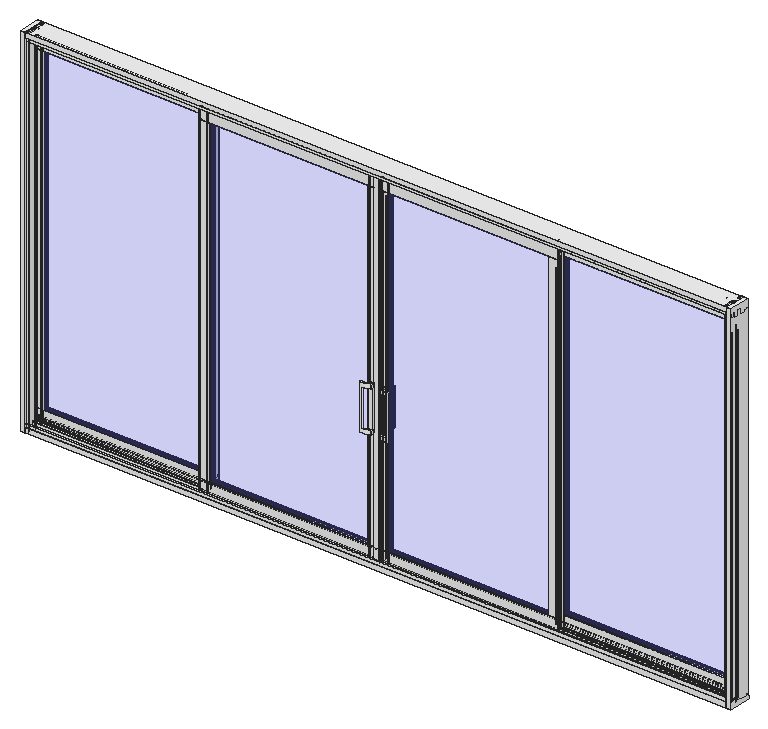
Revit family "Patio-Door_Victorian_OXYO-Double-Glaze-rev3_Novatech", category Doors, host Wall, Revit 2026
Family settings
  Host = Wall
  Classification Number = 23.30.10.00
  Always vertical = Yes
  Cut with Voids When Loaded = No
  Shared = No
  Room Calculation Point = No
Parameters (values of type "189 1/8"W X 95 1/2"H")
  Width Sash X = (Width / 4) + 9/32"  # 47 9/16"
  Width Sash O = (Width / 4) + 9/32"  # 47 9/16"
  Specification = "https://www.arcat.com/company/novatech-group-51586/spec"
  Product Page URL = "https://www.arcat.com/arcatcos/cos51/arc51586.html"
  Model_Sash to Reference Line = (Width - 2 81/128") / 4  # 46.62305"
  View Handle = yes
  URL = "https://www.groupenovatech.com/en_canada_ontario/products/patio‐doors/victorian‐pvc.html"
  Thickness = 5 7/8"
  Rough Width = Width + 1/2"  # 189 5/8"
  Rough Height = Height + 1/2"  # 96"
  Panel Material = Glass
  Model = "Victorian"
  Manufacturer = "Novatech"
  Look Handle = yes
  Keynote = "08 32 00"
  Height Sash X = Height - 3 3/4"  # 91 3/4"
  Height Sash O = Height - 3 3/4"  # 91 3/4"
  Hardware Material = Aluminum
  Handle Height = 38"
  Function = Interior
  Height = 95 1/2"
  Wall Closure = By host
  Width = 189 1/8"
  Frame Material = Aluminum
  Define Thermal Properties by = Schematic Type
  Copyright = "ARCAT"
  CAD Details = "https://www.arcat.com/company/novatech-group-51586/cad"
  Analytic Construction = "<None>"
Reference planes (in)
  plane 1 "Center (Front/Back)": y = 0
  plane 2 "Center (Left/Right)": x = 0
  plane 3 "Left": x = -94.5625
  plane 4 "Right": x = 94.5625
  plane 5 "Top": z = 95.5
  plane 6 "Exterior": y = 3
  plane 7 "Interior": y = -3
  plane 8 "Panel 1": y = 0.8825
  plane 9 "Panel 2": y = -1.25765
  plane 10: x = -93.24547
  plane 11: z = 1.80469
  plane 12: z = 93.55469
  plane 13: x = 93.24556
  plane 14: z = 38
  plane 15: x = -46.62305
  plane 16: x = 46.62251
  plane 17 "Panel 3": y = 2.875
Text (in)
  text "Exterior" at (-104.41165, 27.31104, 0), in view "Ref. Level"
  text "Interior" at (-104.41165, -25.14366, 0), in view "Ref. Level"
  text "Exterior" at (0, 40.15149, 123.01588), in view "Right"
  text "Interior" at (0, -64.39139, 123.01588), in view "Right"
  text "Interior" at (0, -31.01599, 123.00693), in view "Left"
  text "Exterior" at (0, 54.57065, 123.00693), in view "Left"
Dimensions and locks (in)
  "Model_Sash to Reference Line": plane 15 to plane 2 "Center (Left/Right)"
  "Model_Sash to Reference Line": plane 16 to plane 13
  "Height": plane 5 "Top" to level
  "Handle Height": plane 14 to level
  locked: plane 5 "Top" to plane 12 at 1.94531
  "Width": plane 3 "Left" to plane 4 "Right"
  equal spacing: plane 3 "Left", plane 2 "Center (Left/Right)", plane 4 "Right"
  locked: plane 13 to plane 4 "Right" at 1.31702
  locked: plane 3 "Left" to plane 10 at 1.31703
  "Height Sash O": plane 12 to plane 11
  locked: nested 8 to plane 2 "Center (Left/Right)" at 1.58615
  locked: plane 2 "Center (Left/Right)" to nested 2 at 1.58615
  locked: nested 9 to plane 2 "Center (Left/Right)" at 1.58615
  locked: plane 2 "Center (Left/Right)" to nested 3 at 1.58615
  locked: nested 8 to plane 9 "Panel 2" at 0.8125
  locked: plane 9 "Panel 2" to nested 9 at 0.8125
  locked: nested 2 to plane 9 "Panel 2" at 0.8125
  locked: plane 9 "Panel 2" to nested 3 at 0.8125
  locked: plane 7 "Interior" to plane 9 "Panel 2" at 1.74235
  locked: plane 7 "Interior" to plane 8 "Panel 1" at 3.8825
  plane 17 "Panel 3" to plane 7 "Interior" = 5 7/8"
  aligned and locked: plane 6 "Exterior" to host wall
  aligned and locked: plane 7 "Interior" to host wall
  aligned and locked: plane 3 "Left" to nested 1
  aligned and locked: plane 4 "Right" to nested 1
  aligned and locked: nested 4 to plane 9 "Panel 2"
  aligned and locked: plane 15 to nested 4
  aligned and locked: nested 6 to plane 12
  aligned and locked: nested 4 to plane 12
  aligned and locked: nested 5 to plane 12
  aligned and locked: nested 3 to plane 14
  aligned and locked: nested 2 to plane 14
  aligned and locked: plane 10 to nested 5
  aligned and locked: nested 6 to plane 16
  aligned and locked: plane 13 to nested 6
  aligned and locked: nested 6 to plane 8 "Panel 1"
  aligned and locked: nested 5 to plane 8 "Panel 1"
  aligned and locked: nested 7 to plane 2 "Center (Left/Right)"
  aligned and locked: plane 9 "Panel 2" to nested 7
  aligned and locked: plane 16 to nested 7
  aligned and locked: nested 7 to plane 12
  aligned and locked: plane 2 "Center (Left/Right)" to nested 1
  aligned and locked: nested 6 to plane 13
  aligned and locked: plane 14 to nested 8
  aligned and locked: nested 1 to plane 7 "Interior"
  aligned and locked: plane 14 to nested 9
Nested families (in)
  nested 1: "NOVATECH VICTORIAN_OXYO DOUBLE GLAZE REV3_DOOR FRAME" at (0, 0, 0) x (-1, 0, 0) z (0, 0, 1), type "DOOR FRAME"
    with Width 189 1/8"
  nested 2: "NOVATECH VICTORIAN_OXYO DOUBLE GLAZE REV3_LOOK HANDLE" at (1.58615, -2.10263, 32), visible <- "Look Handle", type "LOOK HANDLE"
  nested 3: "NOVATECH VICTORIAN_OXYO DOUBLE GLAZE REV3_VIEW HANDLE" at (1.58615, -2.07015, 32), visible <- "View Handle", type "VIEW HANDLE"
  nested 4: "NOVATECH VICTORIAN_OXYO DOUBLE GLAZE REV3_SASH_X_LEFT" at (-23.31152, -2.07015, 1.80469), type "X_LEFT"
    with Width 46.62305"
  nested 5: "NOVATECH VICTORIAN_OXYO DOUBLE GLAZE REV3_SASH_O_LEFT" at (-69.93395, 0.07, 1.80469), type "O_LEFT"
    with Width 46.62305"
  nested 6: "NOVATECH VICTORIAN_OXYO DOUBLE GLAZE REV3_SASH_O_RIGHT" at (69.93403, 0.06999, 1.80469) x (1, 0, 0) z (0, 0, 1), type "O_RIGHT"
    with Width 46.62305"
  nested 7: "NOVATECH VICTORIAN_OXYO DOUBLE GLAZE REV3_SASH_X_RIGHT" at (23.52832, -0.44515, 1.80469) x (-1, 0, 0) z (0, 0, 1), type "X_RIGHT"
    with Width 46.62305"
  nested 8: "NOVATECH VICTORIAN_OXYO DOUBLE GLAZE REV3_LOOK HANDLE" at (-1.58615, -2.10263, 32) x (-1, 0, 0) z (0, 0, 1), visible <- "Look Handle", type "LOOK HANDLE"
  nested 9: "NOVATECH VICTORIAN_OXYO DOUBLE GLAZE REV3_VIEW HANDLE" at (-1.58615, -2.07015, 32) x (-1, 0, 0) z (0, 0, 1), visible <- "View Handle", type "VIEW HANDLE"
Definition of nested family "NOVATECH VICTORIAN_OXYO DOUBLE GLAZE REV3_DOOR FRAME"
  Parameters (values of type "DOOR FRAME")
    Function = (empty or 0)
    Height = 95 1/2"
    Wall Closure = (empty or 0)
    Width = 141 1/8"
    Frame Thickness = 5 7/8"
    Frame Material = none
    Define Thermal Properties by = 1
    Analytic Construction = "<None>"
  Reference planes (in)
    plane 1 "Center (Front/Back)": y = 0
    plane 2 "Center (Left/Right)": x = 0
    plane 3 "Left": x = -70.5625
    plane 4 "Right": x = 70.5625
    plane 5 "Top": z = 95.5
    plane 6 "Exterior": y = 4
    plane 7 "Interior": y = -4
    plane 8: y = -1.875
  Lines and regions (in)
    Opening 1
      outline origin (-90, -4, 0) x (1, 0, 0) y (0, 0, 1)
        loop
          line (19.4375, 0) -> (160.5625, 0) -> (160.5625, 95.5) -> (19.4375, 95.5) -> (19.4375, 0)
  Text (in)
    text "Exterior" at (-74.96733, 27.31104, 0), in view "Ref. Level"
    text "Interior" at (-74.96733, -25.14366, 0), in view "Ref. Level"
    text "Exterior" at (0, 40.15149, 123.01588), in view "Right"
    text "Interior" at (0, -64.39139, 123.01588), in view "Right"
    text "Interior" at (0, -31.01599, 123.00693), in view "Left"
    text "Exterior" at (0, 54.57065, 123.00693), in view "Left"
  Dimensions and locks (in)
    equal spacing: plane 3 "Left", plane 2 "Center (Left/Right)", plane 4 "Right"
    "Height": level to plane 5 "Top"
    "Width": plane 3 "Left" to plane 4 "Right"
    aligned and locked: plane 3 "Left" to Opening 1 sketch curve
    aligned and locked: plane 5 "Top" to Opening 1 sketch curve  (x2)
    aligned and locked: Opening 1 sketch curve to plane 4 "Right"
    aligned and locked: Opening 1 sketch curve to level
    aligned and locked: plane 6 "Exterior" to host wall
    aligned and locked: plane 7 "Interior" to host wall
    aligned and locked: nested 1 to plane 3 "Left"
    aligned and locked: plane 4 "Right" to nested 1
    aligned and locked: nested 2 to plane 3 "Left"
    aligned and locked: nested 2 to plane 4 "Right"
    aligned and locked: plane 5 "Top" to nested 3
    aligned and locked: plane 3 "Left" to nested 3
    aligned and locked: nested 3 to plane 7 "Interior"
    aligned and locked: plane 4 "Right" to nested 4
    aligned and locked: plane 7 "Interior" to nested 4
    aligned and locked: nested 1 to plane 5 "Top"
    aligned and locked: level to nested 2
    aligned and locked: nested 2 to plane 7 "Interior"
    aligned and locked: plane 7 "Interior" to nested 1
  Nested families (in)
    nested 1: "HEADER PROFILE" at (-70.5625, 2.06254, 95.5), type "HEADER PROFILE"
      with Length 141 1/8"
    nested 2: "NOVATECH_650_2 LIGHT_SILL PROFILE" at (70.5625, -4, 0) x (-1, 0, 0) z (0, 0, 1), type "SILL PROFILE"
      with built-in parameter 1001306 11.76 (stored number, unit not read)
    nested 3: "NOVATECH 650_3 LIGHT_OXO_DOOR FRAME_LEFT" at (-70.5625, 1.875, 0) x (0, -1, 0) z (0, 0, 1), type "NOVATECH 650_3 LIGHT_OXO_DOOR FRAME_LEFT"
      with Length 95 1/2"
    nested 4: "NOVATECH 650_2 LIGHT_DOOR FRAME_RIGHT" at (70.5625, 1.875, 0) x (0, -1, 0) z (0, 0, 1), type "NOVATECH 650_2 LIGHT_DOOR FRAME_RIGHT"
  Definition of nested family "HEADER PROFILE"
    Parameters (values of type "HEADER PROFILE")
      Length [instance] = 12"
      Frame Material = none
      Default Elevation = 0"
    Reference planes (in)
      plane 1 "Center (Front/Back)": y = -0.1877
      plane 2: z = 0
      plane 3 "Center (Left/Right)": x = 0
      plane 4: x = 12
    Forms (in)
      Extrusion 1, solid, material <- "Frame Material"
        sketch origin (0, 0, -4.50465) x (0, 1, 0) y (0, 0, 1)
          loop
            line (-0.1877, 4.50465) -> (-6.06254, 4.50465) -> (-6.06254, 3.37965) -> (-5.7826, 3.37965) -> (-5.7826, 2.5047) -> (-5.49762, 2.5047) -> (-5.49762, 3.37965) -> (-4.68997, 3.37965) -> (-4.68997, 2.12465)
            arc (-4.68997, 2.12465) -> (-4.66656, 2.06813) -> (-4.61004, 2.04473) r 0.07992
            line (-4.61004, 2.04473) -> (-4.02004, 2.04473)
            arc (-4.02004, 2.04473) -> (-3.96353, 2.06813) -> (-3.94012, 2.12465) r 0.07992
            line (-3.94012, 2.12465) -> (-3.94012, 3.37965) -> (-2.55512, 3.37965) -> (-2.55512, 2.12465)
            arc (-2.55512, 2.12465) -> (-2.53171, 2.06813) -> (-2.4752, 2.04473) r 0.07992
            line (-2.4752, 2.04473) -> (-1.85512, 2.04473)
            arc (-1.85512, 2.04473) -> (-1.79861, 2.06813) -> (-1.7752, 2.12465) r 0.07992
            line (-1.7752, 2.12465) -> (-1.7752, 3.37965) -> (-1.2977, 3.37965) -> (-1.2977, 2.5047) -> (-1.01272, 2.5047) -> (-1.01272, 2.8847)
            arc (-1.01272, 2.8847) -> (-0.99515, 2.92713) -> (-0.95272, 2.9447) r 0.06
            line (-0.95272, 2.9447) -> (-0.79272, 2.9447)
            arc (-0.79272, 2.9447) -> (-0.7503, 2.92713) -> (-0.73272, 2.8847) r 0.06
            line (-0.73272, 2.8847) -> (-0.73272, 2.7272)
            arc (-0.73272, 2.7272) -> (-0.70022, 2.6947) -> (-0.66772, 2.7272) r 0.0325
            line (-0.66772, 2.7272) -> (-0.66772, 2.8847)
            arc (-0.66772, 2.8847) -> (-0.65015, 2.92713) -> (-0.60772, 2.9447) r 0.06
            line (-0.60772, 2.9447) -> (-0.44772, 2.9447)
            arc (-0.44772, 2.9447) -> (-0.4053, 2.92713) -> (-0.38772, 2.8847) r 0.06
            line (-0.38772, 2.8847) -> (-0.38772, 2.5047) -> (-0.1877, 2.5047) -> (-0.1877, 4.50465)
        from 0 to 12
    Dimensions and locks (in)
      "Length": plane 3 "Center (Left/Right)" to plane 4
      aligned and locked: plane 2 to level
      aligned and locked: Extrusion 1 to plane 4
      aligned and locked: Extrusion 1 to plane 3 "Center (Left/Right)"
    Automatic sketch dimensions
      Extrusion 1 sketch curve to level = 0"
      plane 1 "Center (Front/Back)" to Extrusion 1 sketch curve = 5.87485"
      Extrusion 1 sketch curve to Extrusion 1 sketch curve = 0.27995"
      Extrusion 1 sketch curve to Extrusion 1 sketch curve = 0.28497"  (x2)
      Extrusion 1 sketch curve to Extrusion 1 sketch curve = 0.80765"
      Extrusion 1 sketch curve to Extrusion 1 sketch curve = 0.07992"  (x3)
      Extrusion 1 sketch curve to Extrusion 1 sketch curve = 0.59"
      Extrusion 1 sketch curve to Extrusion 1 sketch curve = 0.74985"
      Extrusion 1 sketch curve to Extrusion 1 sketch curve = 1.385"
      Extrusion 1 sketch curve to Extrusion 1 sketch curve = 0.62008"
      Extrusion 1 sketch curve to Extrusion 1 sketch curve = 0.4775"
      Extrusion 1 sketch curve to Extrusion 1 sketch curve = 0.06"  (x4)
      Extrusion 1 sketch curve to Extrusion 1 sketch curve = 0.16"  (x2)
      Extrusion 1 sketch curve to Extrusion 1 sketch curve = 0.0325"
      Extrusion 1 sketch curve to Extrusion 1 sketch curve = 0.28"
      Extrusion 1 sketch curve to Extrusion 1 sketch curve = 1.11"
      Extrusion 1 sketch curve to Extrusion 1 sketch curve = 1 1/8"
      Extrusion 1 sketch curve to Extrusion 1 sketch curve = 0"  (x3)
      Extrusion 1 sketch curve to Extrusion 1 sketch curve = 0.43495"
      Extrusion 1 sketch curve to Extrusion 1 sketch curve = 0.1575"
      Extrusion 1 sketch curve to Extrusion 1 sketch curve = 0.38"
      Extrusion 1 sketch curve to Extrusion 1 sketch curve = 0.87495"
      Extrusion 1 sketch curve to Extrusion 1 sketch curve = 0.2225"
      Extrusion 1 sketch curve to Extrusion 1 sketch curve = 1.255"  (x2)
  Definition of nested family "NOVATECH_650_2 LIGHT_SILL PROFILE"
    Parameters (values of type "SILL PROFILE")
      built-in parameter 1001306 [instance] = 54"
      Frame Material = none
      Default Elevation = 0"
    Reference planes (in)
      plane 1 "Center (Front/Back)": y = 0
      plane 2: z = 0
      plane 3 "Left": x = 0
      plane 4 "Right": x = 54
    Forms (in)
      Extrusion 1, solid, material <- "Frame Material"
        sketch origin (0, 0, 0) x (0, 1, 0) y (0, 0, 1)
          loop
            line (0, 0) -> (5.875, 0) -> (5.875, 0.63974) -> (5.795, 0.63974)
            arc (5.795, 0.63974) -> (5.67126, 0.69099) -> (5.62, 0.81474) r 0.175
            line (5.62, 0.81474) -> (5.62, 0.85953) -> (5.67252, 0.85215)
            arc (5.67252, 0.85215) -> (5.70173, 0.83716) -> (5.71535, 0.80729) r 0.05
            arc (5.71535, 0.80729) -> (5.85024, 0.75687) -> (5.80613, 0.89396) r 0.08
            line (5.80613, 0.89396) -> (5.41832, 0.94846)
            arc (5.41832, 0.94846) -> (5.39986, 0.95849) -> (5.3925, 0.97817) r 0.03
            line (5.3925, 0.97817) -> (5.3925, 1.3365)
            arc (5.3925, 1.3365) -> (5.3625, 1.44846) -> (5.3325, 1.3365) r 0.06
            line (5.3325, 1.3365) -> (5.3325, 0.99503)
            arc (5.3325, 0.99503) -> (5.32218, 0.97239) -> (5.29832, 0.96533) r 0.03
            line (5.29832, 0.96533) -> (4.735, 1.0445) -> (4.735, 0.98423) -> (4.79, 0.9765) -> (4.79, 0.90299) -> (4.62, 0.90299) -> (4.62, 1.06066) -> (3.15, 1.26725) -> (3.15, 1.13123) -> (2.955, 1.13123) -> (2.955, 1.21842) -> (3.015, 1.20999) -> (3.015, 1.28623) -> (2.1225, 1.41166) -> (2.1225, 2.31958) -> (1.85161, 2.31958) -> (1.82197, 2.36403)
            arc (1.82197, 2.36403) -> (1.74569, 2.58889) -> (1.66399, 2.36594) r 0.12589
            line (1.66399, 2.36594) -> (1.64081, 2.31958) -> (1.3725, 2.31958) -> (1.3725, 1.17268) -> (1.065, 1.31712) -> (1.065, 1.55585) -> (1.185, 1.53898) -> (1.185, 1.61472) -> (0.565, 1.70185) -> (0.565, 2.2285) -> (0.28, 2.2285) -> (0.28, 1.3125) -> (0, 1.3125) -> (0, 0)
        from 0 to 54
    Lines and regions (in)
      reference lines
        curve 1: line (0, 0, 0) -> (54, 0, 0)
    Dimensions and locks (in)
      "built-in parameter 1001306": plane 3 "Left" to plane 4 "Right"
      aligned and locked: plane 4 "Right" to curve 1
      aligned and locked: plane 1 "Center (Front/Back)" to curve 1
      aligned and locked: plane 3 "Left" to curve 1
      aligned and locked: level to plane 2
      aligned and locked: Extrusion 1 to curve 1
      aligned and locked: Extrusion 1 to plane 3 "Left"
    Automatic sketch dimensions
      Extrusion 1 sketch curve to Extrusion 1 sketch curve = 0"  (x3)
      Extrusion 1 sketch curve to plane 1 "Center (Front/Back)" = 0"
      Extrusion 1 sketch curve to level = 0"
      Extrusion 1 sketch curve to plane 1 "Center (Front/Back)" = 0.28"
      Extrusion 1 sketch curve to Extrusion 1 sketch curve = 0.285"
      Extrusion 1 sketch curve to Extrusion 1 sketch curve = 1/2"
      Extrusion 1 sketch curve to Extrusion 1 sketch curve = 0.12"
      Extrusion 1 sketch curve to Extrusion 1 sketch curve = 3/16"
      Extrusion 1 sketch curve to Extrusion 1 sketch curve = 0.26831"
      Extrusion 1 sketch curve to Extrusion 1 sketch curve = 0.02318"
      Extrusion 1 sketch curve to Extrusion 1 sketch curve = 0.08018"
      Extrusion 1 sketch curve to Extrusion 1 sketch curve = 0.0778"
      Extrusion 1 sketch curve to Extrusion 1 sketch curve = 0.02964"
      Extrusion 1 sketch curve to Extrusion 1 sketch curve = 3/4"
      level to Extrusion 1 sketch curve = 1.21842"
      Extrusion 1 sketch curve to Extrusion 1 sketch curve = 0.8325"
      level to Extrusion 1 sketch curve = 1.28623"
      Extrusion 1 sketch curve to Extrusion 1 sketch curve = 0.06"  (x2)
      Extrusion 1 sketch curve to Extrusion 1 sketch curve = 0.135"
      Extrusion 1 sketch curve to Extrusion 1 sketch curve = 1.47"
      level to Extrusion 1 sketch curve = 0.98423"
      Extrusion 1 sketch curve to Extrusion 1 sketch curve = 0.115"
      Extrusion 1 sketch curve to Extrusion 1 sketch curve = 0.055"
      level to Extrusion 1 sketch curve = 0.96533"
      Extrusion 1 sketch curve to Extrusion 1 sketch curve = 0.50832"
      Extrusion 1 sketch curve to Extrusion 1 sketch curve = 0.00418"
      Extrusion 1 sketch curve to Extrusion 1 sketch curve = 0.03"  (x3)
      level to Extrusion 1 sketch curve = 0.94846"
      Extrusion 1 sketch curve to Extrusion 1 sketch curve = 0.02582"
      Extrusion 1 sketch curve to Extrusion 1 sketch curve = 0.20168"
      Extrusion 1 sketch curve to Extrusion 1 sketch curve = 0.04556"
      level to Extrusion 1 sketch curve = 0.85215"
      Extrusion 1 sketch curve to Extrusion 1 sketch curve = 0.00696"
      Extrusion 1 sketch curve to Extrusion 1 sketch curve = 0.12248"
      level to Extrusion 1 sketch curve = 0.89396"
      Extrusion 1 sketch curve to Extrusion 1 sketch curve = 0.01113"
      Extrusion 1 sketch curve to Extrusion 1 sketch curve = 0.08"
      Extrusion 1 sketch curve to Extrusion 1 sketch curve = 0.25422"
      Extrusion 1 sketch curve to Extrusion 1 sketch curve = 0.0121"
      Extrusion 1 sketch curve to Extrusion 1 sketch curve = 0.04479"
      Extrusion 1 sketch curve to Extrusion 1 sketch curve = 0.08124"
      Extrusion 1 sketch curve to Extrusion 1 sketch curve = 0.00773"
      Extrusion 1 sketch curve to Extrusion 1 sketch curve = 0.06027"
      Extrusion 1 sketch curve to Extrusion 1 sketch curve = 0.01616"
      Extrusion 1 sketch curve to Extrusion 1 sketch curve = 0.08719"
      level to Extrusion 1 sketch curve = 1.17268"
      Extrusion 1 sketch curve to Extrusion 1 sketch curve = 0.00843"
      Extrusion 1 sketch curve to Extrusion 1 sketch curve = 0.13602"
      Extrusion 1 sketch curve to Extrusion 1 sketch curve = 0.13982"
      Extrusion 1 sketch curve to Extrusion 1 sketch curve = 0.14444"
      Extrusion 1 sketch curve to Extrusion 1 sketch curve = 0.34147"
      Extrusion 1 sketch curve to Extrusion 1 sketch curve = 0.05196"
      Extrusion 1 sketch curve to Extrusion 1 sketch curve = 0.23898"
      Extrusion 1 sketch curve to Extrusion 1 sketch curve = 0.22186"
      Extrusion 1 sketch curve to Extrusion 1 sketch curve = 0.01687"
      Extrusion 1 sketch curve to Extrusion 1 sketch curve = 0.07574"
      Extrusion 1 sketch curve to Extrusion 1 sketch curve = 0.38935"
      Extrusion 1 sketch curve to Extrusion 1 sketch curve = 0.52665"
      Extrusion 1 sketch curve to Extrusion 1 sketch curve = 0.90792"
      Extrusion 1 sketch curve to Extrusion 1 sketch curve = 0.04445"
      Extrusion 1 sketch curve to Extrusion 1 sketch curve = 0.04637"
  Definition of nested family "NOVATECH 650_3 LIGHT_OXO_DOOR FRAME_LEFT"
    Parameters (values of type "NOVATECH 650_3 LIGHT_OXO_DOOR FRAME_LEFT")
      Length [instance] = 95 1/2"
      Frame Material = none
      Default Elevation = 0"
    Reference planes (in)
      plane 1 "Center (Front/Back)": y = 0
      plane 2: z = 0
      plane 3 "Center (Left/Right)": x = 0
      plane 4: z = 95.5
    Forms (in)
      Extrusion 1, solid, material <- "Frame Material"
        sketch origin (0, 0, 0) x (1, 0, 0) y (0, 1, 0)
          loop
            line (0, 0) -> (0, -1.75) -> (0.2, -1.75) -> (0.2, -1.125) -> (0.825, -1.125) -> (0.825, -1.925) -> (1.16, -1.925)
            arc (1.16, -1.925) -> (1.17558, -1.9) -> (1.16, -1.875) r 0.02785
            line (1.16, -1.875) -> (1.125, -1.875)
            arc (1.125, -1.875) -> (1.11281, -1.86297) -> (1.10934, -1.8462) r 0.02958
            arc (1.10934, -1.8462) -> (1.08427, -1.83174) -> (1.06, -1.8475) r 0.0277
            arc (1.06, -1.8475) -> (1.04027, -1.87482) -> (1.01, -1.86) r 0.02615
            line (1.01, -1.86) -> (1.01, -1.68)
            arc (1.01, -1.68) -> (1.04093, -1.66254) -> (1.06, -1.6925) r 0.02581
            arc (1.06, -1.6925) -> (1.085, -1.71029) -> (1.11, -1.6925) r 0.02646
            line (1.11, -1.6925) -> (1.11, -1.125) -> (2.465, -1.125) -> (2.465, -1.225) -> (2.5725, -1.225) -> (2.5725, -1.16729) -> (2.64447, -1.16729) -> (2.64447, -1.31703) -> (2.51411, -1.31703)
            arc (2.51411, -1.31703) -> (2.47498, -1.3303) -> (2.45198, -1.36463) r 0.06435
            arc (2.45198, -1.36463) -> (2.44776, -1.4065) -> (2.45732, -1.44748) r 0.1282
            arc (2.45732, -1.44748) -> (2.49183, -1.48877) -> (2.54337, -1.50423) r 0.0936
            line (2.54337, -1.50423) -> (2.73642, -1.50423)
            arc (2.73642, -1.50423) -> (2.79096, -1.4867) -> (2.82507, -1.44067) r 0.0936
            arc (2.82507, -1.44067) -> (2.83221, -1.40285) -> (2.8278, -1.36463) r 0.1282
            arc (2.8278, -1.36463) -> (2.8048, -1.3303) -> (2.76567, -1.31703) r 0.06435
            line (2.76567, -1.31703) -> (2.67447, -1.31703) -> (2.67447, -1.16729) -> (2.70531, -1.16729) -> (2.70531, -1.225) -> (2.805, -1.225) -> (2.805, -1.125) -> (2.875, -1.125) -> (2.875, -1.6925)
            arc (2.875, -1.6925) -> (2.9, -1.70907) -> (2.925, -1.6925) r 0.02715
            arc (2.925, -1.6925) -> (2.94408, -1.66256) -> (2.975, -1.68) r 0.02581
            line (2.975, -1.68) -> (2.975, -1.86)
            arc (2.975, -1.86) -> (2.94408, -1.87744) -> (2.925, -1.8475) r 0.02581
            arc (2.925, -1.8475) -> (2.9, -1.83034) -> (2.875, -1.8475) r 0.02679
            line (2.875, -1.8475) -> (2.875, -1.925) -> (3.245, -1.925) -> (3.245, -1.8475)
            arc (3.245, -1.8475) -> (3.22, -1.83034) -> (3.195, -1.8475) r 0.02679
            arc (3.195, -1.8475) -> (3.17592, -1.87744) -> (3.145, -1.86) r 0.02581
            line (3.145, -1.86) -> (3.145, -1.68)
            arc (3.145, -1.68) -> (3.17592, -1.66256) -> (3.195, -1.6925) r 0.02581
            arc (3.195, -1.6925) -> (3.22, -1.70907) -> (3.245, -1.6925) r 0.02715
            line (3.245, -1.6925) -> (3.245, -1.125) -> (3.315, -1.125) -> (3.315, -1.225) -> (3.4225, -1.225) -> (3.4225, -1.16729) -> (3.49447, -1.16729) -> (3.49447, -1.31703) -> (3.36605, -1.31703)
            arc (3.36605, -1.31703) -> (3.32691, -1.3303) -> (3.30391, -1.36463) r 0.06435
            arc (3.30391, -1.36463) -> (3.29951, -1.40285) -> (3.30664, -1.44067) r 0.1282
            arc (3.30664, -1.44067) -> (3.34075, -1.4867) -> (3.3953, -1.50423) r 0.0936
            line (3.3953, -1.50423) -> (3.58835, -1.50423)
            arc (3.58835, -1.50423) -> (3.63988, -1.48877) -> (3.67439, -1.44748) r 0.0936
            arc (3.67439, -1.44748) -> (3.68395, -1.4065) -> (3.67973, -1.36463) r 0.1282
            arc (3.67973, -1.36463) -> (3.65674, -1.3303) -> (3.6176, -1.31703) r 0.06435
            line (3.6176, -1.31703) -> (3.52447, -1.31703) -> (3.52447, -1.16729) -> (3.55531, -1.16729) -> (3.55531, -1.225) -> (3.655, -1.225) -> (3.655, -1.125) -> (5.01, -1.125) -> (5.01, -1.6925)
            arc (5.01, -1.6925) -> (5.035, -1.71029) -> (5.06, -1.6925) r 0.02646
            arc (5.06, -1.6925) -> (5.07907, -1.66254) -> (5.11, -1.68) r 0.02581
            line (5.11, -1.68) -> (5.11, -1.86)
            arc (5.11, -1.86) -> (5.07973, -1.87482) -> (5.06, -1.8475) r 0.02615
            arc (5.06, -1.8475) -> (5.035, -1.83173) -> (5.01, -1.8475) r 0.0277
            line (5.01, -1.8475) -> (5.01, -1.925) -> (5.295, -1.925) -> (5.295, -1.125) -> (5.875, -1.125) -> (5.875, 0) -> (0, 0)
          loop
            line (4.96515, -1.93418) -> (3.30015, -1.93418) -> (3.30015, -1.78418)
            arc (3.30015, -1.78418) -> (3.28149, -1.75641) -> (3.24873, -1.76317) r 0.03
            line (3.24873, -1.76317) -> (3.19131, -1.82169) -> (3.25515, -1.82169) -> (3.25515, -1.93996) -> (3.10858, -1.93356)
            arc (3.10858, -1.93356) -> (3.14407, -1.98804) -> (3.20556, -2.00918) r 0.1
            line (3.20556, -2.00918) -> (5.05973, -2.00918)
            arc (5.05973, -2.00918) -> (5.12122, -1.98804) -> (5.15671, -1.93356) r 0.1
            line (5.15671, -1.93356) -> (5.00218, -1.9403) -> (5.00218, -1.82096) -> (5.07326, -1.82096) -> (5.01656, -1.76317)
            arc (5.01656, -1.76317) -> (4.9838, -1.75641) -> (4.96515, -1.78418) r 0.03
            line (4.96515, -1.78418) -> (4.96515, -1.93418)
        from 0 to 95.5
    Dimensions and locks (in)
      "Length": plane 4 to plane 2
      aligned and locked: plane 2 to level
      aligned and locked: plane 4 to Extrusion 1
      aligned and locked: Extrusion 1 to plane 2
    Automatic sketch dimensions
      Extrusion 1 sketch curve to Extrusion 1 sketch curve = 0.2"
      Extrusion 1 sketch curve to Extrusion 1 sketch curve = 5/8"
      Extrusion 1 sketch curve to Extrusion 1 sketch curve = 0.185"
      Extrusion 1 sketch curve to Extrusion 1 sketch curve = 0.02393"  (x2)
      Extrusion 1 sketch curve to Extrusion 1 sketch curve = 0.02467"
      Extrusion 1 sketch curve to Extrusion 1 sketch curve = 0.05033"  (x2)
      Extrusion 1 sketch curve to Extrusion 1 sketch curve = 0.05107"
      Extrusion 1 sketch curve to Extrusion 1 sketch curve = 0.285"
      Extrusion 1 sketch curve to Extrusion 1 sketch curve = 0.04"
      Extrusion 1 sketch curve to Extrusion 1 sketch curve = 0.0138"
      Extrusion 1 sketch curve to Extrusion 1 sketch curve = 0.02273"
      Extrusion 1 sketch curve to Extrusion 1 sketch curve = 0.01227"  (x2)
      Extrusion 1 sketch curve to Extrusion 1 sketch curve = 1.355"
      Extrusion 1 sketch curve to Extrusion 1 sketch curve = 0.04912"
      Extrusion 1 sketch curve to Extrusion 1 sketch curve = 0.02925"  (x6)
      Extrusion 1 sketch curve to Extrusion 1 sketch curve = 0.1075"  (x2)
      Extrusion 1 sketch curve to Extrusion 1 sketch curve = 0.03233"  (x4)
      Extrusion 1 sketch curve to Extrusion 1 sketch curve = 0.06877"
      Extrusion 1 sketch curve to Extrusion 1 sketch curve = 0.03"  (x3)
      Extrusion 1 sketch curve to Extrusion 1 sketch curve = 0.02962"
      Extrusion 1 sketch curve to Extrusion 1 sketch curve = 0.03084"  (x2)
      Extrusion 1 sketch curve to Extrusion 1 sketch curve = 0.0912"
      Extrusion 1 sketch curve to Extrusion 1 sketch curve = 0.09969"
      Extrusion 1 sketch curve to Extrusion 1 sketch curve = 0.07"  (x2)
      Extrusion 1 sketch curve to Extrusion 1 sketch curve = 0"  (x5)
      Extrusion 1 sketch curve to Extrusion 1 sketch curve = 0.025"  (x6)
      Extrusion 1 sketch curve to Extrusion 1 sketch curve = 0.05034"  (x3)
      Extrusion 1 sketch curve to Extrusion 1 sketch curve = 0.02466"  (x3)
      plane 1 "Center (Front/Back)" to Extrusion 1 sketch curve = 1.93356"  (x2)
      Extrusion 1 sketch curve to Extrusion 1 sketch curve = 0.13358"
      Extrusion 1 sketch curve to Extrusion 1 sketch curve = 0.17"
      plane 1 "Center (Front/Back)" to Extrusion 1 sketch curve = 1.82169"
      Extrusion 1 sketch curve to Extrusion 1 sketch curve = 0.02165"
      Extrusion 1 sketch curve to Extrusion 1 sketch curve = 0.0359"
      Extrusion 1 sketch curve to Extrusion 1 sketch curve = 0.02869"
      Extrusion 1 sketch curve to Extrusion 1 sketch curve = 0.37"
      plane 1 "Center (Front/Back)" to Extrusion 1 sketch curve = 1.76317"  (x2)
      Extrusion 1 sketch curve to Extrusion 1 sketch curve = 0.00373"
      plane 1 "Center (Front/Back)" to Extrusion 1 sketch curve = 1.93996"
      Extrusion 1 sketch curve to Extrusion 1 sketch curve = 0.01015"
      Extrusion 1 sketch curve to Extrusion 1 sketch curve = 0.02141"  (x2)
      Extrusion 1 sketch curve to Extrusion 1 sketch curve = 0.045"
      Extrusion 1 sketch curve to Extrusion 1 sketch curve = 0.05105"
      Extrusion 1 sketch curve to Extrusion 1 sketch curve = 0.07197"
      Extrusion 1 sketch curve to Extrusion 1 sketch curve = 0.03156"
      Extrusion 1 sketch curve to Extrusion 1 sketch curve = 0.09313"
      Extrusion 1 sketch curve to Extrusion 1 sketch curve = 0.0374"
      Extrusion 1 sketch curve to Extrusion 1 sketch curve = 1.3768"
      Extrusion 1 sketch curve to Extrusion 1 sketch curve = 0.03704"
      Extrusion 1 sketch curve to Extrusion 1 sketch curve = 1/128"
      Extrusion 1 sketch curve to Extrusion 1 sketch curve = 0.01485"
      Extrusion 1 sketch curve to Extrusion 1 sketch curve = 0.05755"
      Extrusion 1 sketch curve to Extrusion 1 sketch curve = 0.03826"
      Extrusion 1 sketch curve to Extrusion 1 sketch curve = 0.01281"
      Extrusion 1 sketch curve to Extrusion 1 sketch curve = 0.04672"
      Extrusion 1 sketch curve to Extrusion 1 sketch curve = 0.13828"
      Extrusion 1 sketch curve to Extrusion 1 sketch curve = 0.58"
      Extrusion 1 sketch curve to Extrusion 1 sketch curve = 0.06922"
      Extrusion 1 sketch curve to Extrusion 1 sketch curve = 0.03112"
      Extrusion 1 sketch curve to Extrusion 1 sketch curve = 0.00578"
      Extrusion 1 sketch curve to Extrusion 1 sketch curve = 0.00856"  (x2)
      Extrusion 1 sketch curve to Extrusion 1 sketch curve = 0.01496"
      Extrusion 1 sketch curve to Extrusion 1 sketch curve = 0.04918"
      Extrusion 1 sketch curve to Extrusion 1 sketch curve = 0.0383"
      Extrusion 1 sketch curve to Extrusion 1 sketch curve = 0.015"
      Extrusion 1 sketch curve to Extrusion 1 sketch curve = 0.065"
      Extrusion 1 sketch curve to Extrusion 1 sketch curve = 0.01556"
      Extrusion 1 sketch curve to Extrusion 1 sketch curve = 0.04975"
      Extrusion 1 sketch curve to Extrusion 1 sketch curve = 0.06787"
      Extrusion 1 sketch curve to Extrusion 1 sketch curve = 0.03543"
      Extrusion 1 sketch curve to Extrusion 1 sketch curve = 0.0076"  (x4)
      Extrusion 1 sketch curve to Extrusion 1 sketch curve = 0.01055"  (x2)
      Extrusion 1 sketch curve to Extrusion 1 sketch curve = 0.02617"
      Extrusion 1 sketch curve to Extrusion 1 sketch curve = 0.00963"  (x2)
      Extrusion 1 sketch curve to Extrusion 1 sketch curve = 0.01194"
      Extrusion 1 sketch curve to Extrusion 1 sketch curve = 0.02654"
      Extrusion 1 sketch curve to Extrusion 1 sketch curve = 0.175"
      Extrusion 1 sketch curve to Extrusion 1 sketch curve = 0.07067"  (x2)
      Extrusion 1 sketch curve to Extrusion 1 sketch curve = 0.155"
      Extrusion 1 sketch curve to Extrusion 1 sketch curve = 0.15633"
      Extrusion 1 sketch curve to Extrusion 1 sketch curve = 0.0049"  (x2)
      Extrusion 1 sketch curve to Extrusion 1 sketch curve = 0.00493"  (x2)
      Extrusion 1 sketch curve to Extrusion 1 sketch curve = 0.00866"  (x2)
      Extrusion 1 sketch curve to Extrusion 1 sketch curve = 0.01058"  (x2)
      Extrusion 1 sketch curve to Extrusion 1 sketch curve = 0.00757"  (x2)
      Extrusion 1 sketch curve to Extrusion 1 sketch curve = 0.18827"  (x2)
      Extrusion 1 sketch curve to Extrusion 1 sketch curve = 0.0936"  (x4)
      Extrusion 1 sketch curve to Extrusion 1 sketch curve = 0.01238"  (x4)
      Extrusion 1 sketch curve to Extrusion 1 sketch curve = 0.06435"  (x3)
      Extrusion 1 sketch curve to Extrusion 1 sketch curve = 0.09203"  (x4)
      Extrusion 1 sketch curve to Extrusion 1 sketch curve = 0.05771"  (x3)
      Extrusion 1 sketch curve to Extrusion 1 sketch curve = 0.555"  (x2)
      Extrusion 1 sketch curve to Extrusion 1 sketch curve = 0.1"  (x2)
      Extrusion 1 sketch curve to Extrusion 1 sketch curve = 1 1/8"
      Extrusion 1 sketch curve to Extrusion 1 sketch curve = 0.02607"
      Extrusion 1 sketch curve to Extrusion 1 sketch curve = 0.06213"  (x2)
      Extrusion 1 sketch curve to Extrusion 1 sketch curve = 0.0594"
      Extrusion 1 sketch curve to Extrusion 1 sketch curve = 0.05679"
      plane 3 "Center (Left/Right)" to Extrusion 1 sketch curve = 0"
  Definition of nested family "NOVATECH 650_2 LIGHT_DOOR FRAME_RIGHT"
    Parameters (values of type "NOVATECH 650_2 LIGHT_DOOR FRAME_RIGHT")
      Length = 95 1/2"
      Frame Material = none
      Default Elevation = 0"
    Reference planes (in)
      plane 1 "Center (Front/Back)": y = 0
      plane 2: z = 0
      plane 3 "Center (Left/Right)": x = 0
      plane 4: z = 95.5
    Forms (in)
      Extrusion 1, solid, material <- "Frame Material"
        sketch origin (0, 0, 0) x (1, 0, 0) y (0, 1, 0)
          loop
            line (0, 0) -> (0, -1.75) -> (0.2, -1.75) -> (0.2, -1.125) -> (0.825, -1.125) -> (0.825, -1.925) -> (1.16, -1.925)
            arc (1.16, -1.925) -> (1.17558, -1.9) -> (1.16, -1.875) r 0.02785
            line (1.16, -1.875) -> (1.125, -1.875)
            arc (1.125, -1.875) -> (1.11281, -1.86297) -> (1.10934, -1.8462) r 0.02958
            arc (1.10934, -1.8462) -> (1.08427, -1.83174) -> (1.06, -1.8475) r 0.0277
            arc (1.06, -1.8475) -> (1.04027, -1.87482) -> (1.01, -1.86) r 0.02615
            line (1.01, -1.86) -> (1.01, -1.68)
            arc (1.01, -1.68) -> (1.04093, -1.66254) -> (1.06, -1.6925) r 0.02581
            arc (1.06, -1.6925) -> (1.085, -1.71029) -> (1.11, -1.6925) r 0.02646
            line (1.11, -1.6925) -> (1.11, -1.125) -> (2.465, -1.125) -> (2.465, -1.225) -> (2.5725, -1.225) -> (2.5725, -1.16729) -> (2.64447, -1.16729) -> (2.64447, -1.31703) -> (2.51411, -1.31703)
            arc (2.51411, -1.31703) -> (2.47498, -1.3303) -> (2.45198, -1.36463) r 0.06435
            arc (2.45198, -1.36463) -> (2.44776, -1.4065) -> (2.45732, -1.44748) r 0.1282
            arc (2.45732, -1.44748) -> (2.49183, -1.48877) -> (2.54337, -1.50423) r 0.0936
            line (2.54337, -1.50423) -> (2.73642, -1.50423)
            arc (2.73642, -1.50423) -> (2.79096, -1.4867) -> (2.82507, -1.44067) r 0.0936
            arc (2.82507, -1.44067) -> (2.83221, -1.40285) -> (2.8278, -1.36463) r 0.1282
            arc (2.8278, -1.36463) -> (2.8048, -1.3303) -> (2.76567, -1.31703) r 0.06435
            line (2.76567, -1.31703) -> (2.67447, -1.31703) -> (2.67447, -1.16729) -> (2.70531, -1.16729) -> (2.70531, -1.225) -> (2.805, -1.225) -> (2.805, -1.125) -> (2.875, -1.125) -> (2.875, -1.6925)
            arc (2.875, -1.6925) -> (2.9, -1.70907) -> (2.925, -1.6925) r 0.02715
            arc (2.925, -1.6925) -> (2.94408, -1.66256) -> (2.975, -1.68) r 0.02581
            line (2.975, -1.68) -> (2.975, -1.86)
            arc (2.975, -1.86) -> (2.94408, -1.87744) -> (2.925, -1.8475) r 0.02581
            arc (2.925, -1.8475) -> (2.9, -1.83034) -> (2.875, -1.8475) r 0.02679
            line (2.875, -1.8475) -> (2.875, -1.925) -> (3.245, -1.925) -> (3.245, -1.8475)
            arc (3.245, -1.8475) -> (3.22, -1.83034) -> (3.195, -1.8475) r 0.02679
            arc (3.195, -1.8475) -> (3.17592, -1.87744) -> (3.145, -1.86) r 0.02581
            line (3.145, -1.86) -> (3.145, -1.68)
            arc (3.145, -1.68) -> (3.17592, -1.66256) -> (3.195, -1.6925) r 0.02581
            arc (3.195, -1.6925) -> (3.22, -1.70907) -> (3.245, -1.6925) r 0.02715
            line (3.245, -1.6925) -> (3.245, -1.125) -> (3.315, -1.125) -> (3.315, -1.225) -> (3.4225, -1.225) -> (3.4225, -1.16729) -> (3.49447, -1.16729) -> (3.49447, -1.31703) -> (3.36605, -1.31703)
            arc (3.36605, -1.31703) -> (3.32691, -1.3303) -> (3.30391, -1.36463) r 0.06435
            arc (3.30391, -1.36463) -> (3.29951, -1.40285) -> (3.30664, -1.44067) r 0.1282
            arc (3.30664, -1.44067) -> (3.34075, -1.4867) -> (3.3953, -1.50423) r 0.0936
            line (3.3953, -1.50423) -> (3.58835, -1.50423)
            arc (3.58835, -1.50423) -> (3.63988, -1.48877) -> (3.67439, -1.44748) r 0.0936
            arc (3.67439, -1.44748) -> (3.68395, -1.4065) -> (3.67973, -1.36463) r 0.1282
            arc (3.67973, -1.36463) -> (3.65674, -1.3303) -> (3.6176, -1.31703) r 0.06435
            line (3.6176, -1.31703) -> (3.52447, -1.31703) -> (3.52447, -1.16729) -> (3.55531, -1.16729) -> (3.55531, -1.225) -> (3.655, -1.225) -> (3.655, -1.125) -> (5.01, -1.125) -> (5.01, -1.6925)
            arc (5.01, -1.6925) -> (5.035, -1.71029) -> (5.06, -1.6925) r 0.02646
            arc (5.06, -1.6925) -> (5.07907, -1.66254) -> (5.11, -1.68) r 0.02581
            line (5.11, -1.68) -> (5.11, -1.86)
            arc (5.11, -1.86) -> (5.07973, -1.87482) -> (5.06, -1.8475) r 0.02615
            arc (5.06, -1.8475) -> (5.035, -1.83173) -> (5.01, -1.8475) r 0.0277
            line (5.01, -1.8475) -> (5.01, -1.925) -> (5.295, -1.925) -> (5.295, -1.125) -> (5.875, -1.125) -> (5.875, 0) -> (0, 0)
          loop
            line (4.96515, -1.93418) -> (3.30015, -1.93418) -> (3.30015, -1.78418)
            arc (3.30015, -1.78418) -> (3.28149, -1.75641) -> (3.24873, -1.76317) r 0.03
            line (3.24873, -1.76317) -> (3.19131, -1.82169) -> (3.25515, -1.82169) -> (3.25515, -1.93996) -> (3.10858, -1.93356)
            arc (3.10858, -1.93356) -> (3.14407, -1.98804) -> (3.20556, -2.00918) r 0.1
            line (3.20556, -2.00918) -> (5.05973, -2.00918)
            arc (5.05973, -2.00918) -> (5.12122, -1.98804) -> (5.15671, -1.93356) r 0.1
            line (5.15671, -1.93356) -> (5.00218, -1.9403) -> (5.00218, -1.82096) -> (5.07326, -1.82096) -> (5.01656, -1.76317)
            arc (5.01656, -1.76317) -> (4.9838, -1.75641) -> (4.96515, -1.78418) r 0.03
            line (4.96515, -1.78418) -> (4.96515, -1.93418)
        from 0 to 95.5
    Dimensions and locks (in)
      "Length": plane 4 to level
      aligned and locked: plane 2 to level
      aligned and locked: Extrusion 1 to level
      aligned and locked: plane 4 to Extrusion 1
    Automatic sketch dimensions
      Extrusion 1 sketch curve to Extrusion 1 sketch curve = 0.2"
      Extrusion 1 sketch curve to Extrusion 1 sketch curve = 5/8"
      Extrusion 1 sketch curve to Extrusion 1 sketch curve = 0.185"
      Extrusion 1 sketch curve to Extrusion 1 sketch curve = 0.02393"  (x2)
      Extrusion 1 sketch curve to Extrusion 1 sketch curve = 0.02467"
      Extrusion 1 sketch curve to Extrusion 1 sketch curve = 0.05033"  (x2)
      Extrusion 1 sketch curve to Extrusion 1 sketch curve = 0.05107"
      Extrusion 1 sketch curve to Extrusion 1 sketch curve = 0.285"  (x2)
      Extrusion 1 sketch curve to Extrusion 1 sketch curve = 0.04"
      Extrusion 1 sketch curve to Extrusion 1 sketch curve = 0.0138"
      Extrusion 1 sketch curve to Extrusion 1 sketch curve = 0.02273"
      Extrusion 1 sketch curve to Extrusion 1 sketch curve = 0.01227"  (x2)
      Extrusion 1 sketch curve to Extrusion 1 sketch curve = 1.355"
      Extrusion 1 sketch curve to Extrusion 1 sketch curve = 0.04912"
      Extrusion 1 sketch curve to Extrusion 1 sketch curve = 0.02925"  (x6)
      Extrusion 1 sketch curve to Extrusion 1 sketch curve = 0.1075"  (x2)
      Extrusion 1 sketch curve to Extrusion 1 sketch curve = 0.03233"  (x4)
      Extrusion 1 sketch curve to Extrusion 1 sketch curve = 0.06877"
      Extrusion 1 sketch curve to Extrusion 1 sketch curve = 0.03"  (x3)
      Extrusion 1 sketch curve to Extrusion 1 sketch curve = 0.02962"
      Extrusion 1 sketch curve to Extrusion 1 sketch curve = 0.03084"  (x2)
      Extrusion 1 sketch curve to Extrusion 1 sketch curve = 0.0912"
      Extrusion 1 sketch curve to Extrusion 1 sketch curve = 0.09969"
      Extrusion 1 sketch curve to Extrusion 1 sketch curve = 0.07"  (x2)
      Extrusion 1 sketch curve to Extrusion 1 sketch curve = 0"  (x5)
      Extrusion 1 sketch curve to Extrusion 1 sketch curve = 0.025"  (x5)
      Extrusion 1 sketch curve to Extrusion 1 sketch curve = 0.05034"  (x3)
      Extrusion 1 sketch curve to Extrusion 1 sketch curve = 0.02466"  (x3)
      plane 1 "Center (Front/Back)" to Extrusion 1 sketch curve = 1.93356"  (x2)
      Extrusion 1 sketch curve to Extrusion 1 sketch curve = 0.13358"
      Extrusion 1 sketch curve to Extrusion 1 sketch curve = 0.03642"
      plane 1 "Center (Front/Back)" to Extrusion 1 sketch curve = 1.82169"
      Extrusion 1 sketch curve to Extrusion 1 sketch curve = 0.02165"
      Extrusion 1 sketch curve to Extrusion 1 sketch curve = 0.09698"
      Extrusion 1 sketch curve to Extrusion 1 sketch curve = 0.02869"
      Extrusion 1 sketch curve to Extrusion 1 sketch curve = 0.37"
      Extrusion 1 sketch curve to Extrusion 1 sketch curve = 0.03944"
      plane 1 "Center (Front/Back)" to Extrusion 1 sketch curve = 1.76317"  (x2)
      Extrusion 1 sketch curve to Extrusion 1 sketch curve = 0.00373"
      plane 1 "Center (Front/Back)" to Extrusion 1 sketch curve = 1.93996"
      Extrusion 1 sketch curve to Extrusion 1 sketch curve = 0.01015"
      Extrusion 1 sketch curve to Extrusion 1 sketch curve = 0.02141"  (x2)
      Extrusion 1 sketch curve to Extrusion 1 sketch curve = 0.045"
      Extrusion 1 sketch curve to Extrusion 1 sketch curve = 0.05105"
      Extrusion 1 sketch curve to Extrusion 1 sketch curve = 0.07197"
      Extrusion 1 sketch curve to Extrusion 1 sketch curve = 0.03156"
      Extrusion 1 sketch curve to Extrusion 1 sketch curve = 0.09313"
      Extrusion 1 sketch curve to Extrusion 1 sketch curve = 0.0374"
      Extrusion 1 sketch curve to Extrusion 1 sketch curve = 1.3768"
      Extrusion 1 sketch curve to Extrusion 1 sketch curve = 0.00704"
      Extrusion 1 sketch curve to Extrusion 1 sketch curve = 0.01485"
      Extrusion 1 sketch curve to Extrusion 1 sketch curve = 1/128"
      Extrusion 1 sketch curve to Extrusion 1 sketch curve = 0.05755"
      Extrusion 1 sketch curve to Extrusion 1 sketch curve = 0.03826"
      Extrusion 1 sketch curve to Extrusion 1 sketch curve = 0.01281"
      Extrusion 1 sketch curve to Extrusion 1 sketch curve = 0.04672"
      Extrusion 1 sketch curve to Extrusion 1 sketch curve = 0.58"
      Extrusion 1 sketch curve to Extrusion 1 sketch curve = 0.06922"
      Extrusion 1 sketch curve to Extrusion 1 sketch curve = 0.03112"
      Extrusion 1 sketch curve to Extrusion 1 sketch curve = 0.00578"
      Extrusion 1 sketch curve to Extrusion 1 sketch curve = 0.00856"  (x2)
      Extrusion 1 sketch curve to Extrusion 1 sketch curve = 0.01496"
      Extrusion 1 sketch curve to Extrusion 1 sketch curve = 0.0383"
      Extrusion 1 sketch curve to Extrusion 1 sketch curve = 0.04918"
      Extrusion 1 sketch curve to Extrusion 1 sketch curve = 0.015"
      Extrusion 1 sketch curve to Extrusion 1 sketch curve = 0.065"
      Extrusion 1 sketch curve to Extrusion 1 sketch curve = 0.04975"
      Extrusion 1 sketch curve to Extrusion 1 sketch curve = 0.01556"
      Extrusion 1 sketch curve to Extrusion 1 sketch curve = 0.06787"
      Extrusion 1 sketch curve to Extrusion 1 sketch curve = 0.03543"
      Extrusion 1 sketch curve to Extrusion 1 sketch curve = 0.0076"  (x4)
      Extrusion 1 sketch curve to Extrusion 1 sketch curve = 0.01055"  (x2)
      Extrusion 1 sketch curve to Extrusion 1 sketch curve = 0.02617"
      Extrusion 1 sketch curve to Extrusion 1 sketch curve = 0.00963"  (x2)
      Extrusion 1 sketch curve to Extrusion 1 sketch curve = 0.01194"
      Extrusion 1 sketch curve to Extrusion 1 sketch curve = 0.02654"
      Extrusion 1 sketch curve to Extrusion 1 sketch curve = 0.175"
      Extrusion 1 sketch curve to Extrusion 1 sketch curve = 0.155"
      Extrusion 1 sketch curve to Extrusion 1 sketch curve = 0.07067"  (x2)
      Extrusion 1 sketch curve to Extrusion 1 sketch curve = 0.15633"
      Extrusion 1 sketch curve to Extrusion 1 sketch curve = 0.0049"  (x2)
      Extrusion 1 sketch curve to Extrusion 1 sketch curve = 0.00493"  (x2)
      Extrusion 1 sketch curve to Extrusion 1 sketch curve = 0.00866"  (x2)
      Extrusion 1 sketch curve to Extrusion 1 sketch curve = 0.01058"  (x2)
      Extrusion 1 sketch curve to Extrusion 1 sketch curve = 0.00757"  (x2)
      Extrusion 1 sketch curve to Extrusion 1 sketch curve = 0.18827"  (x2)
      Extrusion 1 sketch curve to Extrusion 1 sketch curve = 0.0936"  (x4)
      Extrusion 1 sketch curve to Extrusion 1 sketch curve = 0.01238"  (x4)
      Extrusion 1 sketch curve to Extrusion 1 sketch curve = 0.06435"  (x3)
      Extrusion 1 sketch curve to Extrusion 1 sketch curve = 0.09203"  (x4)
      Extrusion 1 sketch curve to Extrusion 1 sketch curve = 0.05771"  (x3)
      Extrusion 1 sketch curve to Extrusion 1 sketch curve = 0.555"  (x2)
      Extrusion 1 sketch curve to Extrusion 1 sketch curve = 0.1"  (x2)
      Extrusion 1 sketch curve to Extrusion 1 sketch curve = 1 1/8"
      Extrusion 1 sketch curve to Extrusion 1 sketch curve = 0.02607"
      Extrusion 1 sketch curve to Extrusion 1 sketch curve = 0.06213"  (x2)
      Extrusion 1 sketch curve to Extrusion 1 sketch curve = 0.0594"
      Extrusion 1 sketch curve to Extrusion 1 sketch curve = 0.05679"
      plane 3 "Center (Left/Right)" to Extrusion 1 sketch curve = 0"
Definition of nested family "NOVATECH VICTORIAN_OXYO DOUBLE GLAZE REV3_LOOK HANDLE"
  Parameters (values of type "LOOK HANDLE")
    View Handle = yes
    Look Handle = yes
    Hardware Finish = none
    Handle Length [instance] = 12"
    Default Elevation = 0"
  Reference planes (in)
    plane 1 "Center (Front/Back)": y = 0
    plane 2: z = 0
    plane 3 "Center (Left/Right)": x = 0
    plane 4: z = 12
    plane 5: z = 11
    plane 6: z = 1
    plane 7: z = 6
  Forms (in)
    Extrusion 1, solid, material <- "Hardware Finish", visible <- "Look Handle"
      sketch origin (-2.75609, 4.10702, 0) x (1, 0, 0) y (0, 1, 0)
        loop
          line (2.28365, -5.7645) -> (2.29002, -6.12973)
          arc (2.29002, -6.12973) -> (2.31095, -6.17843) -> (2.36001, -6.1985) r 0.07
          line (2.36001, -6.1985) -> (3.15217, -6.1985)
          arc (3.15217, -6.1985) -> (3.20123, -6.17843) -> (3.22216, -6.12973) r 0.07
          line (3.22216, -6.12973) -> (3.22853, -5.7645) -> (2.28365, -5.7645)
      from 0 to 12
    Extrusion 2, solid, material <- "Hardware Finish", visible <- "Look Handle"
      sketch origin (-2.75609, 4.10702, 0) x (1, 0, 0) y (0, 1, 0)
        loop
          arc (2.92658, -7.01425) -> (2.95049, -7.06991) -> (3.00657, -7.09285) r 0.08
          line (3.00657, -7.09285) -> (3.06811, -7.09285)
          arc (3.06811, -7.09285) -> (3.12419, -7.06991) -> (3.1481, -7.01425) r 0.08
          line (3.1481, -7.01425) -> (3.16234, -6.1985) -> (2.88163, -6.1985)
          arc (2.88163, -6.1985) -> (2.90353, -6.20746) -> (2.91288, -6.22921) r 0.03125
          line (2.91288, -6.22921) -> (2.92658, -7.01425)
      from 4.54231 to 11
    Extrusion 3, solid, material <- "Hardware Finish", visible <- "Look Handle"
      sketch origin (-5.65408, 4.10702, 0) x (1, 0, 0) y (0, 1, 0)
        loop
          arc (5.26207, -7.01425) -> (5.28599, -7.06991) -> (5.34206, -7.09285) r 0.08
          line (5.34206, -7.09285) -> (5.96611, -7.09285)
          arc (5.96611, -7.09285) -> (6.02218, -7.06991) -> (6.0461, -7.01425) r 0.08
          line (6.0461, -7.01425) -> (6.06033, -6.1985) -> (5.24783, -6.1985) -> (5.26207, -7.01425)
      from 1 to 4.54231
  Dimensions and locks (in)
    "Handle Length": plane 4 to level
    locked: plane 4 to plane 5 at 1
    locked: plane 6 to level at 1
    equal spacing: plane 4, plane 7, level, locked at 6 each
    aligned and locked: plane 2 to level
  Automatic sketch dimensions
    Extrusion 1 sketch curve to plane 3 "Center (Left/Right)" = 0.47244"
    Extrusion 1 sketch curve to Extrusion 1 sketch curve = 0.00637"  (x2)
    Extrusion 1 sketch curve to Extrusion 1 sketch curve = 0.06999"  (x2)
    plane 3 "Center (Left/Right)" to Extrusion 1 sketch curve = 0.39608"
    plane 1 "Center (Front/Back)" to Extrusion 1 sketch curve = 2.09148"
    Extrusion 1 sketch curve to Extrusion 1 sketch curve = 0.06878"  (x2)
    Extrusion 1 sketch curve to Extrusion 1 sketch curve = 0.36522"
    plane 3 "Center (Left/Right)" to Extrusion 2 sketch curve = 0.31202"
    Extrusion 2 sketch curve to Extrusion 2 sketch curve = 0.07999"
    plane 1 "Center (Front/Back)" to Extrusion 2 sketch curve = 2.90722"
    Extrusion 2 sketch curve to Extrusion 2 sketch curve = 0.0014"  (x2)
    plane 3 "Center (Left/Right)" to Extrusion 2 sketch curve = 0.15679"
    Extrusion 2 sketch curve to Extrusion 2 sketch curve = 0.24946"
    Extrusion 2 sketch curve to Extrusion 2 sketch curve = 0.78504"
    Extrusion 2 sketch curve to Extrusion 2 sketch curve = 0.0307"
    Extrusion 2 sketch curve to Extrusion 2 sketch curve = 0.06155"
    Extrusion 2 sketch curve to Extrusion 2 sketch curve = 0"  (x2)
    Extrusion 2 sketch curve to Extrusion 2 sketch curve = 0.00055"
    plane 3 "Center (Left/Right)" to Extrusion 2 sketch curve = 0.12554"
    Extrusion 3 sketch curve to plane 3 "Center (Left/Right)" = 0.39201"
    Extrusion 3 sketch curve to Extrusion 3 sketch curve = 0.07999"
    plane 1 "Center (Front/Back)" to Extrusion 3 sketch curve = 2.90722"
    Extrusion 3 sketch curve to Extrusion 3 sketch curve = 0.0014"  (x2)
    Extrusion 3 sketch curve to plane 3 "Center (Left/Right)" = 13/32"
    Extrusion 3 sketch curve to Extrusion 3 sketch curve = 0.81574"
    plane 3 "Center (Left/Right)" to Extrusion 3 sketch curve = 0.31202"
    plane 3 "Center (Left/Right)" to Extrusion 3 sketch curve = 13/32"
    Extrusion 3 sketch curve to Extrusion 3 sketch curve = 0.0786"
Definition of nested family "NOVATECH VICTORIAN_OXYO DOUBLE GLAZE REV3_VIEW HANDLE"
  Parameters (values of type "VIEW HANDLE")
    Hardware Finish = none
    Handle Length [instance] = 12"
    Default Elevation = 0"
  Reference planes (in)
    plane 1 "Center (Front/Back)": y = 0
    plane 2: z = 0
    plane 3 "Center (Left/Right)": x = 0
    plane 4: z = 12
    plane 5: z = 11
    plane 6: z = 1
    plane 7: z = 6
  Forms (in)
    Extrusion 1, solid, material <- "Hardware Finish"
      sketch origin (-2.75609, -5.7645, 0) x (1, 0, 0) y (0, 1, 0)
        loop
          line (2.25609, 6.2645) -> (2.25609, 5.7645) -> (3.25609, 5.7645) -> (3.25609, 6.2645) -> (2.25609, 6.2645)
      from 0 to 12
    Extrusion 2, solid, material <- "Hardware Finish"
      sketch origin (-2.75609, -5.7645, 0) x (1, 0, 0) y (0, 1, 0)
        loop
          arc (3.25636, 6.2645) -> (3.36219, 6.58898) -> (3.65155, 6.76996) r 0.5
          arc (3.65155, 6.76996) -> (4.19674, 6.84875) -> (4.74609, 6.8895) r 7.93092
          arc (4.74609, 6.8895) -> (4.87857, 6.94764) -> (4.92546, 7.0845) r 0.18
          arc (4.92546, 7.0845) -> (4.87857, 7.22136) -> (4.74609, 7.2795) r 0.18
          arc (4.74609, 7.2795) -> (3.50036, 7.21489) -> (2.35751, 6.71497) r 3.47867
          arc (2.35751, 6.71497) -> (2.28354, 6.64857) -> (2.25609, 6.55303) r 0.18
          line (2.25609, 6.55303) -> (2.25609, 6.2645) -> (3.25636, 6.2645)
      from 0 to 12
    Extrusion 3, void
      sketch origin (-2.75609, -5.7645, 0) x (1, 0, 0) y (0, 1, 0)
        loop
          arc (3.25636, 6.2645) -> (3.36219, 6.58898) -> (3.65155, 6.76996) r 0.5
          arc (3.65155, 6.76996) -> (3.99574, 6.82419) -> (4.34198, 6.86326) r 7.93092
          arc (4.34198, 6.86326) -> (4.5239, 7.10462) -> (4.30048, 7.30816) r 0.22439
          arc (4.30048, 7.30816) -> (3.28473, 7.15656) -> (2.35751, 6.71497) r 3.47867
          arc (2.35751, 6.71497) -> (2.28354, 6.64857) -> (2.25609, 6.55303) r 0.18
          line (2.25609, 6.55303) -> (2.25609, 6.2645) -> (3.25636, 6.2645)
      from 1 to 11
  Cuts and joins
    Extrusion 3 cuts Extrusion 2
  Dimensions and locks (in)
    "Handle Length": plane 4 to level
    locked: plane 4 to plane 5 at 1
    locked: plane 6 to level at 1
    equal spacing: plane 4, plane 7, level, locked at 6 each
    aligned and locked: plane 2 to level
    aligned and locked: cut or joined group of Extrusion 2, Extrusion 3 to plane 5
    aligned and locked: plane 6 to cut or joined group of Extrusion 2, Extrusion 3
    aligned and locked: Extrusion 1 to plane 4
    aligned and locked: cut or joined group of Extrusion 2, Extrusion 3 to plane 4
  Automatic sketch dimensions
    plane 1 "Center (Front/Back)" to Extrusion 1 sketch curve = 0"
    Extrusion 1 sketch curve to plane 3 "Center (Left/Right)" = 1/2"
    plane 3 "Center (Left/Right)" to Extrusion 1 sketch curve = 1/2"
    Extrusion 1 sketch curve to plane 1 "Center (Front/Back)" = 1/2"
    Extrusion 2 sketch curve to plane 3 "Center (Left/Right)" = 1/2"
    Extrusion 2 sketch curve to Extrusion 2 sketch curve = 0.18"
    plane 3 "Center (Left/Right)" to Extrusion 2 sketch curve = 0.50027"
    Extrusion 2 sketch curve to Extrusion 2 sketch curve = 0.49973"
    plane 3 "Center (Left/Right)" to Extrusion 2 sketch curve = 1.54439"
    Extrusion 2 sketch curve to Extrusion 2 sketch curve = 0.99"
    Extrusion 2 sketch curve to Extrusion 2 sketch curve = 0"
    plane 3 "Center (Left/Right)" to Extrusion 2 sketch curve = 2.30175"
    plane 1 "Center (Front/Back)" to Extrusion 2 sketch curve = 6.79979"
    plane 1 "Center (Front/Back)" to Extrusion 2 sketch curve = 1.93501"
    Extrusion 2 sketch curve to plane 1 "Center (Front/Back)" = 1/2"
    Extrusion 2 sketch curve to Extrusion 2 sketch curve = 0.0165"
    Extrusion 2 sketch curve to Extrusion 2 sketch curve = 0.28853"
    Extrusion 2 sketch curve to Extrusion 2 sketch curve = 0.7885"
    Extrusion 2 sketch curve to Extrusion 2 sketch curve = 0.03"
    Extrusion 2 sketch curve to Extrusion 2 sketch curve = 0.07858"
    Extrusion 2 sketch curve to Extrusion 2 sketch curve = 0.10454"
    Extrusion 3 sketch curve to plane 3 "Center (Left/Right)" = 1/2"
    Extrusion 3 sketch curve to Extrusion 3 sketch curve = 0.18"
    plane 3 "Center (Left/Right)" to Extrusion 3 sketch curve = 0.50027"
    Extrusion 3 sketch curve to Extrusion 3 sketch curve = 0.49973"
    plane 3 "Center (Left/Right)" to Extrusion 3 sketch curve = 1.54439"
    plane 3 "Center (Left/Right)" to Extrusion 3 sketch curve = 2.30175"
    plane 1 "Center (Front/Back)" to Extrusion 3 sketch curve = 6.79979"
    plane 1 "Center (Front/Back)" to Extrusion 3 sketch curve = 1.93501"
    Extrusion 3 sketch curve to plane 1 "Center (Front/Back)" = 1/2"
    Extrusion 3 sketch curve to Extrusion 3 sketch curve = 0.0165"
    Extrusion 3 sketch curve to Extrusion 3 sketch curve = 0.28853"
    Extrusion 3 sketch curve to Extrusion 3 sketch curve = 0.80277"
    Extrusion 3 sketch curve to Extrusion 3 sketch curve = 0.07858"
    Extrusion 3 sketch curve to Extrusion 3 sketch curve = 0.10454"
    Extrusion 3 sketch curve to Extrusion 3 sketch curve = 0.0415"
Definition of nested family "NOVATECH VICTORIAN_OXYO DOUBLE GLAZE REV3_SASH_X_LEFT"
  Parameters (values of type "SASH_X")
    Width = 35.0293"
    Panel Material = none
    Height = 91 3/4"
    Frame Material = none
    Default Elevation = 0"
  Reference planes (in)
    plane 1 "Center (Front/Back)": y = 0
    plane 2: z = 0
    plane 3 "Center (Left/Right)": x = 0
    plane 4: x = 17.51465
    plane 5: x = -17.51465
    plane 6: z = 91.75
    plane 7: y = 0.8125
    plane 8: x = -18.57715
    plane 9: x = 17.08105
  Forms (in)
    Extrusion 1, solid, material <- "Panel Material"
      sketch origin (53.05518, -3.44187, -6.62158) x (1, 0, 0) y (0, 1, 0)
        loop
          line (-70.00733, 4.71812) -> (-70.00733, 3.79062) -> (-37.59753, 3.79062) -> (-37.59753, 4.71812) -> (-70.00733, 4.71812)
      from 9.10158 to 95.89158
  Dimensions and locks (in)
    "Height": plane 6 to level
    "Width": plane 4 to plane 5
    equal spacing: plane 4, plane 3 "Center (Left/Right)", plane 5
    locked: level to Extrusion 1 at 2.48
    locked: plane 6 to Extrusion 1 at 2.48
    locked: Extrusion 1 to plane 1 "Center (Front/Back)" at 0.34875
    locked: Extrusion 1 to plane 4 at 2.057
    locked: plane 5 to Extrusion 1 at 0.5625
    locked: Extrusion 1 sketch curve to Extrusion 1 sketch curve at 0.9275
    locked: plane 8 to plane 5 at 1.0625
    locked: plane 9 to plane 4 at 0.43359
    aligned and locked: plane 2 to level
    aligned and locked: plane 6 to nested 1
    aligned and locked: plane 1 "Center (Front/Back)" to nested 1
    aligned and locked: level to nested 2
    aligned and locked: nested 2 to plane 1 "Center (Front/Back)"
    aligned and locked: plane 8 to nested 2
